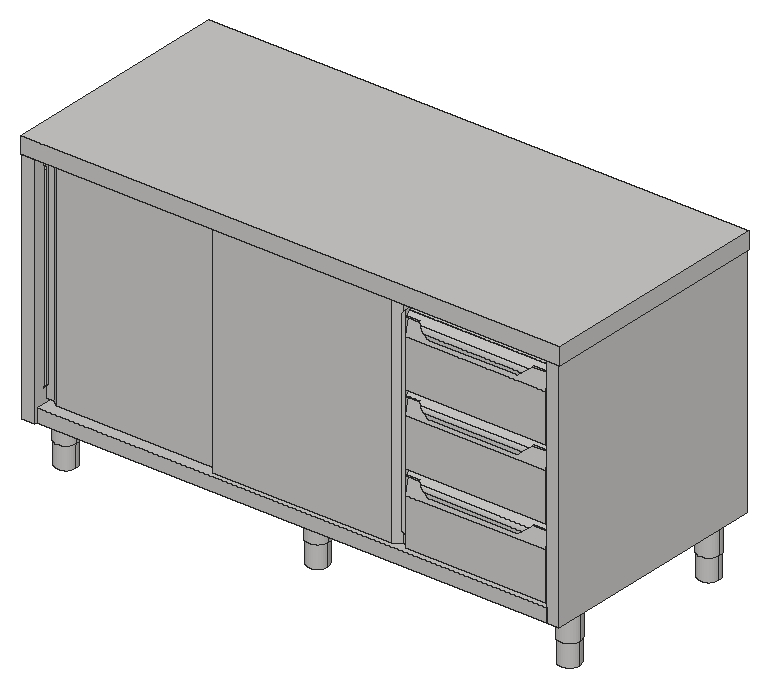
Revit family "QF_ZANUSSI_133261_MTA1600DXPN", category Attrezzature speciali, Revit 2020
Family settings
  Quota connettore circolare = Usa diametro
  Tipo di parte = Normale
  Basato su piano di lavoro = No
  Sempre verticale = Sì
  Taglio con vuoti quando caricato = No
  Condiviso = No
  Punto di calcolo locali = No
Parameters (values of type "Standard")
  Weight = 70.00 kg
  Watts = 0 W
  Volts = 0 V
  URL Manufacturer = "http://www.zanussiprofessional.com"
  URL = "http://www.zanussiprofessional.com"
  Steam Supply Size = 0 mm
  Steam Supply Minimum Pressure = 0.0 Pa
  Steam Supply Maximum Pressure = 0.0 Pa
  Steam Consumption per Hour = 0
  Refrigeration Suction Line Size = 0.0 mm
  Refrigeration Liquid Line Size = 0.0 mm
  Refrigerant Compressor Remote = yes
  Prospetto di default = 0.0 mm
  Phase = 0
  Modello = "MTA1600DXPN"
  Produttore = "Zanussi"
  Length Actual = 1600.0 mm  # constant formula
  Item Number = "133261"
  Hot Water Size = 0 mm
  Height Actual = 900.0 mm  # constant formula
  HP = "0 HP"
  Gas Size = 0 mm
  Gas KW = 0
  Gas Input Pressure = 0 W
  Direct Waste Size = 0 mm
  Descrizione = "TABLE W/3 R/H DRAWERS+2 SLIDING D.1600MM"
  Depth Actual = 700.0 mm  # constant formula
  Cycle = 0 Hz
  Condensate Return Size = 0 mm
  Compressed Air Volume = 0.0 L/s
  Compressed Air Size = 0 mm
  Compressed Air Pressure = 0.0 Pa
  Cold Water Size = 0 mm
  Accessory = yes
Reference planes
  plane 1 "Center (Front/Back)": y = 0
  plane 2: z = 0
  plane 3 "Center Slide Doors": x = -409
  plane 4 "LEFT": x = -1000
  plane 5 "RIGHT": x = 600
  plane 6 "BACK": y = 350
  plane 7 "FRONT": y = -350
  plane 8 "TOP": z = 900
  plane 9: x = -954
  plane 10: x = 554
  plane 11: y = 270
  plane 12: y = -247
  plane 13 "FEET": z = 150
  plane 14: x = -956.5
  plane 15: y = -344.5
  plane 16: x = 138.5
  plane 17: x = -433.5
  plane 18: x = -384.5
  plane 19 "BaseTop": z = 850
  plane 20: x = -994.5
  plane 21: y = 344.5
  plane 22: x = 136
  plane 23: x = 556.5
  plane 24 "FeetLeft": x = -947
  plane 25: x = 547
  plane 26 "Center (Left/Right)": x = -200
  plane 27: x = 594.5
Forms (mm)
  Extrusion 1, solid, material "QF_Finishes_Stainless Steel"
    sketch origin (0, 0, 150) x (-1, 0, 0) y (0, -1, 0)
      loop
        line (994.5, -350) -> (994.5, 350) -> (956.5, 350) -> (956.5, -350) -> (994.5, -350)
      loop
        line (-556.4, -350) -> (-556.4, 344.5) -> (-594.5, 344.5) -> (-594.5, -350) -> (-556.4, -350)
    from 0 to 700
  Extrusion 2, solid, material "QF_Finishes_Stainless Steel"
    sketch origin (0, 0, 150) x (-1, 0, 0) y (0, -1, 0)
      loop
        line (956.5, -347) -> (956.5, 344.5) -> (-556.5, 344.5) -> (-556.5, -347) -> (956.5, -347)
    from 0 to 40
  Extrusion 3, solid, material "QF_Finishes_Stainless Steel"
    sketch origin (33, 0, 150) x (-1, 0, 0) y (0, -1, 0)
      loop
        line (417.5, 324.5) -> (417.5, 304.5) -> (987, 304.5) -> (987, 319.071) -> (977.942, 328.129) -> (976.312, 326.5) -> (985, 317.812) -> (985, 309.5) -> (966.034, 309.5) -> (946.034, 324.5) -> (417.5, 324.5)
    from 700 to 50
  Extrusion 4, void
    sketch origin (0, -350, 0) x (-1, 0, 0) y (0, 0, 1)
      loop
        line (942.418, 247.973) -> (942.418, 191.4) -> (956.5, 191.4) -> (956.5, 229.369) -> (942.418, 247.973)
      loop
        line (942.418, 816.627) -> (956.5, 835.231) -> (956.5, 850) -> (942.418, 850) -> (942.418, 816.627)
    from 20.5 to 40.5
  Extrusion 5, solid, material "QF_Finishes_Stainless Steel"
    sketch origin (0, 0, 150) x (-1, 0, 0) y (0, -1, 0)
      loop
        line (-556.5, -350) -> (956.5, -350) -> (956.5, -327) -> (-556.5, -327) -> (-556.5, -350)
    from 700 to 40
  Extrusion 6, solid, material "QF_Finishes_Stainless Steel"
    sketch origin (-409, 0, 0) x (0, 1, 0) y (0, 0, 1)
      loop
        line (-350, 900) -> (-350, 850) -> (350, 850) -> (350, 900) -> (-350, 900)
    from 1009 to -591
  Extrusion 7, solid, material "QF_Finishes_Stainless Steel"
    sketch origin (-847, -20, 150) x (1, 0, 0) y (0, 1, 0)
      loop
        line (413.5, -324.5) -> (944.034, -324.5) -> (964.034, -309.5) -> (981, -309.5) -> (981, -317.812) -> (974.312, -324.5) -> (975.942, -326.129) -> (983, -319.071) -> (983, -304.5) -> (413.5, -304.5) -> (413.5, -324.5)
    from 700 to 50
  Extrusion 8, void
    sketch origin (-814, -350, 0) x (1, 0, 0) y (0, 0, -1)
      loop
        line (940.418, -247.973) -> (952.5, -229.369) -> (952.5, -191.4) -> (940.418, -191.4) -> (940.418, -247.973)
      loop
        line (940.418, -816.627) -> (940.418, -850) -> (952.5, -850) -> (952.5, -835.231) -> (940.418, -816.627)
    from 2.49 to 20.5
  Extrusion 9, solid, material "QF_Finishes_Stainless Steel"
    sketch origin (0, 0, 850) x (-1, 0, 0) y (0, -1, 0)
      loop
        line (-556.5, 304.5) -> (-556.5, 299.5) -> (-554, 299.5) -> (-554, 304.5) -> (-556.5, 304.5)
    from 0 to -2
Cuts and joins
  Extrusion 4, Extrusion 8 cuts Extrusion 3
  Extrusion 8 cuts Extrusion 1
  Extrusion 8 cuts Extrusion 6
  Extrusion 8 cuts Extrusion 7
Lines and regions (mm)
  symbolic lines, style "SpecialityEquipment"
    curve 1: line (-1000, 350, 850) -> (600, 350, 850)
    curve 2: line (-1000, -350, 850) -> (-1000, 350, 850)
    curve 3: line (600, -350, 850) -> (-1000, -350, 850)
    curve 4: line (600, 350, 850) -> (600, -350, 850)
    curve 17: line (-1000, 337, 850) -> (600, 337, 850)
  symbolic lines, style "SpecialityEquipmentHiddenLines"
    curve 5: line (-433.5, -324.5, 200) -> (-433.5, -344.5, 200)
    curve 6: line (-954, -304.5, 850) -> (-384.5, -304.5, 850)
    curve 7: line (-384.5, -304.5, 850) -> (-384.5, -324.5, 850)
    curve 8: line (-384.5, -324.5, 850) -> (-913.034, -324.5, 850)
    curve 9: line (-913.034, -324.5, 850) -> (-933.034, -309.5, 850)
    curve 10: line (-933.034, -309.5, 850) -> (-954, -309.5, 850)
    curve 11: line (-954, -309.5, 850) -> (-954, -304.5, 850)
    curve 12: line (-433.5, -344.5, 850) -> (97.034, -344.5, 850)
    curve 13: line (97.034, -344.5, 850) -> (117.034, -329.5, 850)
    curve 14: line (117.034, -329.5, 850) -> (136, -329.5, 850)
    curve 15: line (136, -329.5, 850) -> (136, -324.5, 850)
    curve 16: line (136, -324.5, 850) -> (-384.5, -324.5, 850)
Dimensions and locks
  plane 6 "BACK" to plane 7 "FRONT" = 700.0 mm
  equal spacing: plane 6 "BACK", plane 1 "Center (Front/Back)", plane 7 "FRONT"
  locked: plane 13 "FEET" to level at 150
  locked: plane 6 "BACK" to plane 11 at 80
  locked: plane 12 to plane 7 "FRONT" at 103
  plane 17 to plane 18 = 49.0 mm
  equal spacing: plane 17, plane 3 "Center Slide Doors", plane 18
  locked: plane 4 "LEFT" to plane 20 at 5.5
  locked: plane 20 to plane 14 at 38
  plane 15 to plane 7 "FRONT" = 5.5 mm  (x2)
  plane 6 "BACK" to plane 21 = 5.5 mm
  locked: plane 22 to plane 16 at 2.5
  equal spacing: plane 9, plane 3 "Center Slide Doors", plane 22
  locked: plane 9 to plane 22 at 1090
  locked: plane 4 "LEFT" to plane 5 "RIGHT" at 1600
  locked: plane 24 "FeetLeft" to plane 20 at 47.5
  locked: plane 8 "TOP" to level at 900
  locked: plane 27 to plane 5 "RIGHT" at 5.5
  locked: plane 23 to plane 27 at 38
  locked: plane 10 to plane 23 at 2.5
  locked: plane 27 to plane 25 at 47.5
  equal spacing: plane 4 "LEFT", plane 26 "Center (Left/Right)", plane 5 "RIGHT"
  locked: plane 14 to plane 9 at 2.5
  aligned and locked: level to plane 2
  aligned and locked: nested 4 to plane 11
  aligned and locked: nested 3 to plane 11
  aligned and locked: plane 6 "BACK" to Extrusion 1 sketch curve
  aligned and locked: Extrusion 1 sketch curve to plane 6 "BACK"
  aligned and locked: Extrusion 1 sketch curve to plane 7 "FRONT"
  aligned and locked: plane 14 to Extrusion 1
  aligned and locked: Extrusion 2 to plane 14
  aligned and locked: Extrusion 2 to plane 15
  aligned and locked: nested 1 to plane 12
  aligned and locked: nested 2 to plane 12
  aligned and locked: plane 18 to Extrusion 3
  aligned and locked: nested 4 to nested 2
  aligned and locked: Extrusion 5 to plane 14
  aligned and locked: plane 19 "BaseTop" to Extrusion 3
  aligned and locked: plane 19 "BaseTop" to Extrusion 5
  aligned and locked: Extrusion 6 to plane 4 "LEFT"
  aligned and locked: plane 5 "RIGHT" to Extrusion 6
  aligned and locked: plane 23 to Extrusion 2 sketch curve
  aligned and locked: plane 24 "FeetLeft" to nested 1
  aligned and locked: nested 3 to nested 1
  aligned and locked: plane 25 to nested 2
  aligned and locked: nested 5 to plane 26 "Center (Left/Right)"
  aligned and locked: nested 6 to nested 5
  aligned and locked: Extrusion 5 to plane 23
  aligned and locked: plane 27 to cut or joined group of Extrusion 1, Extrusion 8
Automatic sketch dimensions
  Extrusion 1 sketch curve to plane 15 = 0.0 mm
  Extrusion 1 sketch curve to plane 14 = 0.0 mm
  Extrusion 1 sketch curve to plane 20 = 0.0 mm
  plane 23 to Extrusion 1 sketch curve = 0.1 mm
  Extrusion 2 sketch curve to plane 14 = 0.0 mm
  Extrusion 2 sketch curve to plane 15 = 0.0 mm
  plane 21 to Extrusion 2 sketch curve = 2.5 mm
  Extrusion 3 sketch curve to plane 18 = 0.0 mm
  Extrusion 3 sketch curve to plane 9 = 0.0 mm
  plane 24 "FeetLeft" to Extrusion 3 sketch curve = 33.966 mm
  plane 24 "FeetLeft" to Extrusion 3 sketch curve = 13.966 mm
  plane 24 "FeetLeft" to Extrusion 3 sketch curve = 3.688 mm
  plane 24 "FeetLeft" to Extrusion 3 sketch curve = 2.058 mm
  plane 9 to Extrusion 3 sketch curve = 2.0 mm
  plane 15 to Extrusion 3 sketch curve = 40.0 mm
  Extrusion 3 sketch curve to Extrusion 3 sketch curve = 5.0 mm
  Extrusion 3 sketch curve to Extrusion 3 sketch curve = 8.312 mm
  Extrusion 3 sketch curve to Extrusion 3 sketch curve = 1.259 mm
  plane 15 to Extrusion 3 sketch curve = 20.0 mm
  Extrusion 4 sketch curve to plane 19 "BaseTop" = 0.0 mm
  Extrusion 4 sketch curve to plane 14 = 0.0 mm  (x2)
  plane 24 "FeetLeft" to Extrusion 4 sketch curve = 4.582 mm  (x2)
  Extrusion 4 sketch curve to Extrusion 4 sketch curve = 14.769 mm
  Extrusion 4 sketch curve to Extrusion 4 sketch curve = 18.604 mm  (x2)
  plane 13 "FEET" to Extrusion 4 sketch curve = 97.973 mm
  Extrusion 4 sketch curve to Extrusion 4 sketch curve = 37.969 mm
  curve 5 to plane 15 = 0.0 mm
  curve 5 to plane 17 = 0.0 mm
  plane 15 to curve 5 = 20.0 mm
  Extrusion 5 sketch curve to plane 6 "BACK" = 0.0 mm
  Extrusion 5 sketch curve to plane 23 = 0.0 mm
  Extrusion 5 sketch curve to plane 14 = 0.0 mm
  plane 21 to Extrusion 5 sketch curve = 17.5 mm
  curve 17 to plane 5 "RIGHT" = 0.0 mm
  curve 16 to plane 22 = 0.0 mm
  curve 13 to plane 15 = 0.0 mm
  curve 7 to plane 18 = 0.0 mm
  curve 12 to plane 17 = 0.0 mm
  curve 11 to plane 9 = 0.0 mm
  curve 3 to plane 4 "LEFT" = 0.0 mm
  curve 1 to plane 6 "BACK" = 0.0 mm
  curve 3 to plane 7 "FRONT" = 0.0 mm
  curve 14 to curve 14 = 18.966 mm
  curve 13 to curve 13 = 20.0 mm
  plane 24 "FeetLeft" to curve 9 = 33.966 mm
  plane 24 "FeetLeft" to curve 9 = 13.966 mm
  plane 15 to curve 7 = 40.0 mm
  curve 6 to curve 10 = 5.0 mm
  plane 15 to curve 8 = 20.0 mm
  curve 15 to curve 15 = 5.0 mm
  curve 17 to plane 21 = 7.5 mm
  Extrusion 6 sketch curve to plane 7 "FRONT" = 0.0 mm
  Extrusion 6 sketch curve to plane 6 "BACK" = 0.0 mm
  Extrusion 6 sketch curve to plane 19 "BaseTop" = 0.0 mm
  Extrusion 7 sketch curve to plane 17 = 0.0 mm
  Extrusion 7 sketch curve to plane 15 = 0.0 mm  (x2)
  Extrusion 7 sketch curve to plane 22 = 0.0 mm
  plane 22 to Extrusion 7 sketch curve = 38.966 mm
  plane 22 to Extrusion 7 sketch curve = 18.966 mm
  plane 22 to Extrusion 7 sketch curve = 8.688 mm
  plane 15 to Extrusion 7 sketch curve = 1.629 mm
  Extrusion 7 sketch curve to Extrusion 7 sketch curve = 1.629 mm
  plane 22 to Extrusion 7 sketch curve = 2.0 mm
  Extrusion 7 sketch curve to plane 15 = 15.0 mm
  Extrusion 7 sketch curve to Extrusion 7 sketch curve = 5.0 mm
  Extrusion 8 sketch curve to plane 19 "BaseTop" = 0.0 mm
  Extrusion 8 sketch curve to plane 16 = 0.0 mm  (x2)
  plane 22 to Extrusion 8 sketch curve = 9.582 mm  (x2)
  Extrusion 8 sketch curve to Extrusion 8 sketch curve = 14.769 mm
  Extrusion 8 sketch curve to Extrusion 8 sketch curve = 18.604 mm  (x2)
  Extrusion 8 sketch curve to plane 13 "FEET" = 97.973 mm
  Extrusion 8 sketch curve to Extrusion 8 sketch curve = 37.969 mm
  Extrusion 9 sketch curve to plane 23 = 0.0 mm
  Extrusion 9 sketch curve to plane 10 = 0.0 mm
  plane 15 to Extrusion 9 sketch curve = 45.0 mm
  Extrusion 9 sketch curve to Extrusion 9 sketch curve = 5.0 mm
  Extrusion 1 sketch curve to plane 5 "RIGHT" = 5.5 mm
  Extrusion 6 sketch curve to plane 8 "TOP" = 0.0 mm
Nested families
  nested 1: "FEET_D60-150" at (-947, -247, 0), type "FEET_D60-150"
  nested 2: "FEET_D60-150" at (547, -247, 0), type "FEET_D60-150"
  nested 3: "FEET_D60-150" at (-947, 270, 0), type "FEET_D60-150"
  nested 4: "FEET_D60-150" at (547, 270, 0), type "FEET_D60-150"
  nested 5: "FEET_D60-150" at (-200, -247, 0), type "FEET_D60-150"
  nested 6: "FEET_D60-150" at (-200, 270, 0), type "FEET_D60-150"
  nested 7: "H637_600_3DRAWERS" at (310.458, -304.5, 152) x (1, 0, 0) z (0, -1, 0), type "H637_600_3DRAWERS"
    with Show Clearance yes
Definition of nested family "FEET_D60-150"
  Parameters
    Default Elevation = 0.0 mm
    FEET = 150.0 mm
  Reference planes
    plane 1 "Center (Front/Back)": y = 0
    plane 2: z = 0
    plane 3 "Center (Left/Right)": x = 0
    plane 4: z = 150
  Forms (mm)
    Extrusion 1, solid
      sketch origin (0, 0, 0) x (1, 0, 0) y (0, 1, 0)
        loop
          circle (0, 0) r 28
      from 0 to 67
    Revolve 2, solid
      sketch origin (0, 0, 0) x (1, 0, 0) y (0, 0, 1)
        loop
          line (0, 0) -> (0, 150) -> (-32.939, 150) -> (-32.939, 67) -> (-30, 67) -> (-30, 0) -> (0, 0)
        axis (0, 150) -> (0, 0)
      angle from 0 to 360
  Lines and regions (mm)
    symbolic lines
      curve 1: line (0, -1.503, 0) -> (0, 1.508, 0)
      curve 2: line (1.561, 0, 0) -> (-1.439, 0, 0)
  Dimensions and locks
    "FEET": plane 4 to plane 2
    aligned and locked: level to plane 2
  Automatic sketch dimensions
    plane 1 "Center (Front/Back)" to Extrusion 1 sketch curve = 0.0 mm
    Extrusion 1 sketch curve to plane 3 "Center (Left/Right)" = 0.0 mm
    plane 1 "Center (Front/Back)" to curve 2 = 0.0 mm
    curve 1 to plane 3 "Center (Left/Right)" = 0.0 mm
    curve 2 to plane 3 "Center (Left/Right)" = 1.439 mm
    plane 3 "Center (Left/Right)" to curve 2 = 1.561 mm
    plane 1 "Center (Front/Back)" to curve 1 = 1.503 mm
    curve 1 to plane 1 "Center (Front/Back)" = 1.508 mm
    Revolve 2 sketch curve to plane 4 = 0.0 mm
    Revolve 2 sketch curve to level = 0.0 mm
    Revolve 2 sketch curve to plane 3 "Center (Left/Right)" = 0.0 mm  (x2)
    Revolve 2 sketch curve to plane 3 "Center (Left/Right)" = 30.0 mm
    Revolve 2 sketch curve to plane 3 "Center (Left/Right)" = 32.939 mm
    level to Revolve 2 sketch curve = 67.0 mm
    Revolve 2 sketch curve to level = 42.207 mm
    Revolve 2 sketch curve to Revolve 2 sketch curve = 10.0 mm
    radius of Extrusion 1 sketch curve = 28.0 mm
Definition of nested family "H637_600_3DRAWERS"
  Parameters
    Width = 419.0 mm
    Show Clearance [instance] = yes
    Model = "727995"
    Height = 700.0 mm
    Default Elevation = 0.0 mm
  Reference planes
    plane 1 "Center (Front/Back)": y = 0
    plane 2: z = 0
    plane 3 "Center (Left/Right)": x = 36.042
    plane 4 "panel": z = 25
    plane 5 "Left": x = -173.458
    plane 6 "Right": x = 245.542
    plane 7: y = 700
    plane 8: z = 45
    plane 9: x = 243.542
    plane 10: x = -171.458
    plane 11: y = 676
    plane 12: y = 38
    plane 13: z = 499.734
    plane 14: y = 470
    plane 15: y = 465
    plane 16: y = 259
    plane 17: y = 254
    plane 18: y = 48
  Forms (mm)
    Extrusion 1, solid
      sketch origin (0, -919.2, 0) x (1, 0, 0) y (0, 1, 0)
        loop
          line (-980.5, 2119.2) -> (-980.5, -162.846) -> (881.94, -162.846) -> (881.94, 2119.2) -> (-980.5, 2119.2)
      from 0 to -59.546
    Extrusion 2, solid
      sketch origin (36.042, -645.693, 0) x (0, 1, 0) y (0, 0, 1)
        loop
          line (856.63, 49.734) -> (856.63, 47.734) -> (866.98, 47.734)
          arc (866.98, 47.734) -> (873.586, 46.42) -> (879.186, 42.679) r 17.261
          line (879.186, 42.679) -> (896.019, 25.845) -> (899.693, 25) -> (880.6, 44.093)
          arc (880.6, 44.093) -> (874.351, 48.268) -> (866.98, 49.734) r 19.261
          line (866.98, 49.734) -> (856.63, 49.734)
      from -207.5 to 207.5
    Extrusion 3, solid, detail levels coarse
      sketch origin (0, 0, 0) x (1, 0, 0) y (0, 0, 1)
        loop
          line (-171.458, 40) -> (243.542, 40) -> (243.542, 499.734) -> (-171.458, 499.734) -> (-171.458, 40)
      from -48 to -254
    Extrusion 4, solid
      sketch origin (36.042, -616, 0) x (0, 1, 0) y (0, 0, 1)
        loop
          line (664.4, 40) -> (664.4, 0) -> (870, 0) -> (870, 25) -> (804.797, 40) -> (664.4, 40)
      from 207.5 to -207.5
    Extrusion 5, void
      sketch origin (0, 0, 0) x (1, 0, 0) y (0, 1, 0)
        loop
          line (-99.744, 213.799) -> (-133.705, 243.322) -> (-166.458, 243.322)
          arc (-166.458, 243.322) -> (-169.994, 244.786) -> (-171.458, 248.322) r 5
          line (-171.458, 248.322) -> (-171.458, 210.937) -> (-91.403, 210.937)
          arc (-91.403, 210.937) -> (-95.762, 211.819) -> (-99.744, 213.799) r 17.035
      from 36.678 to 53.74
    Extrusion 6, void
      sketch origin (72.084, 0, 0) x (-1, 0, 0) y (0, -1, 0)
        loop
          arc (-99.744, -213.799) -> (-95.762, -211.819) -> (-91.403, -210.937) r 17.035
          line (-91.403, -210.937) -> (-171.458, -210.937) -> (-171.458, -248.322)
          arc (-171.458, -248.322) -> (-169.994, -244.786) -> (-166.458, -243.322) r 5
          line (-166.458, -243.322) -> (-133.705, -243.322) -> (-99.744, -213.799)
      from 36.678 to 53.74
    Extrusion 7, solid
      sketch origin (36.042, -434.693, 0) x (0, 1, 0) y (0, 0, 1)
        loop
          line (856.63, 49.734) -> (856.63, 47.734) -> (866.98, 47.734)
          arc (866.98, 47.734) -> (873.586, 46.42) -> (879.186, 42.679) r 17.261
          line (879.186, 42.679) -> (896.019, 25.845) -> (899.693, 25) -> (880.6, 44.093)
          arc (880.6, 44.093) -> (874.351, 48.268) -> (866.98, 49.734) r 19.261
          line (866.98, 49.734) -> (856.63, 49.734)
      from -207.5 to 207.5
    Extrusion 8, solid
      sketch origin (36.042, -405, 0) x (0, 1, 0) y (0, 0, 1)
        loop
          line (664, 40) -> (664, 0) -> (870, 0) -> (870, 25) -> (804.797, 40) -> (664, 40)
      from 207.5 to -207.5
    Extrusion 9, void
      sketch origin (0, 211, 0) x (1, 0, 0) y (0, 1, 0)
        loop
          line (-99.744, 213.799) -> (-133.705, 243.322) -> (-166.458, 243.322)
          arc (-166.458, 243.322) -> (-169.994, 244.786) -> (-171.458, 248.322) r 5
          line (-171.458, 248.322) -> (-171.458, 210.937) -> (-91.403, 210.937)
          arc (-91.403, 210.937) -> (-95.762, 211.819) -> (-99.744, 213.799) r 17.035
      from 36.678 to 53.74
    Extrusion 10, void
      sketch origin (72.084, 211, 0) x (-1, 0, 0) y (0, -1, 0)
        loop
          arc (-99.744, -213.799) -> (-95.762, -211.819) -> (-91.403, -210.937) r 17.035
          line (-91.403, -210.937) -> (-171.458, -210.937) -> (-171.458, -248.322)
          arc (-171.458, -248.322) -> (-169.994, -244.786) -> (-166.458, -243.322) r 5
          line (-166.458, -243.322) -> (-133.705, -243.322) -> (-99.744, -213.799)
      from 36.678 to 53.74
    Extrusion 11, solid
      sketch origin (36.042, -223.693, 0) x (0, 1, 0) y (0, 0, 1)
        loop
          line (856.63, 49.734) -> (856.63, 47.734) -> (866.98, 47.734)
          arc (866.98, 47.734) -> (873.586, 46.42) -> (879.186, 42.679) r 17.261
          line (879.186, 42.679) -> (896.019, 25.845) -> (899.693, 25) -> (880.6, 44.093)
          arc (880.6, 44.093) -> (874.351, 48.268) -> (866.98, 49.734) r 19.261
          line (866.98, 49.734) -> (856.63, 49.734)
      from -207.5 to 207.5
    Extrusion 12, solid
      sketch origin (36.042, -194, 0) x (0, 1, 0) y (0, 0, 1)
        loop
          line (664, 40) -> (664, 0) -> (870, 0) -> (870, 25) -> (804.797, 40) -> (664, 40)
      from 207.5 to -207.5
    Extrusion 13, void
      sketch origin (0, 422, 0) x (1, 0, 0) y (0, 1, 0)
        loop
          line (-99.744, 213.799) -> (-133.705, 243.322) -> (-166.458, 243.322)
          arc (-166.458, 243.322) -> (-169.994, 244.786) -> (-171.458, 248.322) r 5
          line (-171.458, 248.322) -> (-171.458, 210.937) -> (-91.403, 210.937)
          arc (-91.403, 210.937) -> (-95.762, 211.819) -> (-99.744, 213.799) r 17.035
      from 36.678 to 53.74
    Extrusion 14, void
      sketch origin (72.084, 422, 0) x (-1, 0, 0) y (0, -1, 0)
        loop
          arc (-99.744, -213.799) -> (-95.762, -211.819) -> (-91.403, -210.937) r 17.035
          line (-91.403, -210.937) -> (-171.458, -210.937) -> (-171.458, -248.322)
          arc (-171.458, -248.322) -> (-169.994, -244.786) -> (-166.458, -243.322) r 5
          line (-166.458, -243.322) -> (-133.705, -243.322) -> (-99.744, -213.799)
      from 36.678 to 53.74
    Extrusion 15, solid, detail levels coarse
      sketch origin (0, 0, 0) x (1, 0, 0) y (0, 0, 1)
        loop
          line (-171.458, 40) -> (243.542, 40) -> (243.542, 499.734) -> (-171.458, 499.734) -> (-171.458, 40)
      from -259 to -465
    Extrusion 16, solid, detail levels coarse
      sketch origin (0, 0, 0) x (1, 0, 0) y (0, 0, 1)
        loop
          line (-171.458, 40) -> (243.542, 40) -> (243.542, 499.734) -> (-171.458, 499.734) -> (-171.458, 40)
      from -470 to -676
  Cuts and joins
    Extrusion 5, Extrusion 6, Extrusion 9, Extrusion 10 cuts Extrusion 2
    Extrusion 5 cuts Extrusion 4
    Extrusion 9, Extrusion 10, Extrusion 13, Extrusion 14 cuts Extrusion 7
    Extrusion 13, Extrusion 14 cuts Extrusion 11
  Lines and regions (mm)
    symbolic lines
      curve 1: line (243.542, 0, 179.734) -> (243.542, 0, 199.734)
      curve 2: line (212.235, 0, 49.734) -> (-171.458, 0, 49.734)
      curve 3: spline (231.959, 0, 44.389) -> (230.421, 0, 45.265) -> (228.856, 0, 46.066) -> (227.265, 0, 46.791) -> (225.651, 0, 47.437) -> (224.017, 0, 48.005) -> (222.365, 0, 48.493) -> (220.698, 0, 48.9) -> (219.019, 0, 49.226) -> (217.331, 0, 49.471) -> (215.636, 0, 49.633) -> (213.936, 0, 49.712) -> (212.236, 0, 49.71)
      curve 4: line (238.456, 0, 40) -> (231.959, 0, 44.389)
      curve 5: line (243.542, 0, 500) -> (-171.458, 0, 500)
      curve 6: line (243.542, 0, 349.734) -> (-171.458, 0, 349.734)
      curve 7: line (243.542, 0, 199.734) -> (-171.458, 0, 199.734)
      curve 8: line (243.542, 0, 480) -> (-171.458, 0, 480)
      curve 9: line (243.542, 0, 329.734) -> (-171.458, 0, 329.734)
      curve 10: line (243.542, 0, 179.734) -> (-171.458, 0, 179.734)
      curve 11: line (-156.458, 0, 49.734) -> (-156.458, 0, 179.734)
      curve 12: line (-156.458, 0, 349.734) -> (-156.458, 0, 480)
      curve 13: line (-156.458, 0, 199.734) -> (-156.458, 0, 329.734)
      curve 14: line (228.542, 0, 49.734) -> (228.542, 0, 179.734)
      curve 15: line (228.542, 0, 349.734) -> (228.542, 0, 480)
      curve 16: line (228.542, 0, 199.734) -> (228.542, 0, 329.734)
      curve 17: line (243.542, 0, 480) -> (243.542, 0, 500)
      curve 18: line (243.542, 0, 329.734) -> (243.542, 0, 349.734)
      curve 19: line (-171.458, 0, 179.734) -> (-171.458, 0, 199.734)
      curve 20: line (-171.458, 0, 480) -> (-171.458, 0, 500)
      curve 21: line (-171.458, 0, 329.734) -> (-171.458, 0, 349.734)
  Dimensions and locks
    plane 4 "panel" to level = 25.0 mm
    "Width": plane 5 "Left" to plane 6 "Right"
    equal spacing: plane 5 "Left", plane 3 "Center (Left/Right)", plane 6 "Right"
    "Height": plane 1 "Center (Front/Back)" to plane 7
    plane 9 to plane 6 "Right" = 2.0 mm
    plane 5 "Left" to plane 10 = 2.0 mm
    plane 7 to plane 11 = 24.0 mm
    plane 1 "Center (Front/Back)" to plane 12 = 38.0 mm
    plane 10 to plane 9 = 415.0 mm
    plane 11 to plane 14 = 206.0 mm
    locked: plane 14 to plane 15 at 5
    plane 15 to plane 16 = 206.0 mm
    locked: plane 16 to plane 17 at 5
    plane 17 to plane 18 = 206.0 mm  (x2)
    plane 16 to plane 17 = 5.0 mm
    plane 14 to plane 15 = 5.0 mm
    plane 16 to plane 15 = 206.0 mm
    plane 14 to plane 11 = 206.0 mm
    aligned and locked: plane 2 to Extrusion 1
    aligned and locked: level to Extrusion 1
    aligned and locked: plane 9 to Extrusion 4
    aligned and locked: plane 10 to Extrusion 4
  Automatic sketch dimensions
    Extrusion 1 sketch curve to Extrusion 1 sketch curve = 1862.44 mm
    Extrusion 1 sketch curve to Extrusion 1 sketch curve = 2282.046 mm
    Extrusion 2 sketch curve to Extrusion 2 sketch curve = 0.0 mm  (x2)
    Extrusion 2 sketch curve to plane 4 "panel" = 0.0 mm
    Extrusion 2 sketch curve to plane 17 = 0.0 mm
    plane 4 "panel" to Extrusion 2 sketch curve = 0.845 mm
    Extrusion 2 sketch curve to plane 17 = 3.674 mm
    Extrusion 2 sketch curve to plane 8 = 0.907 mm
    Extrusion 2 sketch curve to plane 17 = 19.093 mm
    Extrusion 2 sketch curve to plane 8 = 2.321 mm
    Extrusion 2 sketch curve to Extrusion 2 sketch curve = 1.414 mm
    plane 4 "panel" to Extrusion 2 sketch curve = 5.474 mm
    Extrusion 2 sketch curve to Extrusion 2 sketch curve = 12.205 mm
    Extrusion 2 sketch curve to Extrusion 2 sketch curve = 10.351 mm
    Extrusion 4 sketch curve to level = 0.0 mm
    Extrusion 4 sketch curve to plane 4 "panel" = 0.0 mm
    Extrusion 4 sketch curve to plane 17 = 0.0 mm
    Extrusion 4 sketch curve to plane 8 = 5.0 mm
    Extrusion 4 sketch curve to plane 17 = 65.203 mm
    plane 18 to Extrusion 4 sketch curve = 0.4 mm
    Extrusion 7 sketch curve to Extrusion 7 sketch curve = 0.0 mm  (x2)
    Extrusion 7 sketch curve to plane 4 "panel" = 0.0 mm
    Extrusion 7 sketch curve to plane 15 = 0.0 mm
    plane 4 "panel" to Extrusion 7 sketch curve = 0.845 mm
    Extrusion 7 sketch curve to plane 15 = 3.674 mm
    Extrusion 7 sketch curve to plane 8 = 0.907 mm
    Extrusion 7 sketch curve to plane 15 = 19.093 mm
    Extrusion 7 sketch curve to plane 8 = 2.321 mm
    Extrusion 7 sketch curve to Extrusion 7 sketch curve = 1.414 mm
    plane 4 "panel" to Extrusion 7 sketch curve = 5.474 mm
    Extrusion 7 sketch curve to Extrusion 7 sketch curve = 12.205 mm
    Extrusion 7 sketch curve to Extrusion 7 sketch curve = 10.351 mm
    Extrusion 8 sketch curve to plane 16 = 0.0 mm
    Extrusion 8 sketch curve to plane 4 "panel" = 0.0 mm
    Extrusion 8 sketch curve to plane 15 = 0.0 mm
    Extrusion 8 sketch curve to level = 0.0 mm
    Extrusion 8 sketch curve to plane 8 = 5.0 mm
    Extrusion 8 sketch curve to plane 15 = 65.203 mm
    Extrusion 11 sketch curve to Extrusion 11 sketch curve = 0.0 mm  (x2)
    Extrusion 11 sketch curve to plane 4 "panel" = 0.0 mm
    Extrusion 11 sketch curve to plane 11 = 0.0 mm
    plane 4 "panel" to Extrusion 11 sketch curve = 0.845 mm
    Extrusion 11 sketch curve to plane 11 = 3.674 mm
    Extrusion 11 sketch curve to plane 8 = 0.907 mm
    Extrusion 11 sketch curve to plane 11 = 19.093 mm
    Extrusion 11 sketch curve to plane 8 = 2.321 mm
    Extrusion 11 sketch curve to Extrusion 11 sketch curve = 1.414 mm
    plane 4 "panel" to Extrusion 11 sketch curve = 5.474 mm
    Extrusion 11 sketch curve to Extrusion 11 sketch curve = 12.205 mm
    Extrusion 11 sketch curve to Extrusion 11 sketch curve = 10.351 mm
    Extrusion 12 sketch curve to plane 14 = 0.0 mm
    Extrusion 12 sketch curve to plane 4 "panel" = 0.0 mm
    Extrusion 12 sketch curve to plane 11 = 0.0 mm
    Extrusion 12 sketch curve to level = 0.0 mm
    Extrusion 12 sketch curve to plane 8 = 5.0 mm
    Extrusion 12 sketch curve to plane 11 = 65.203 mm
    plane 10 to curve 21 = 0.0 mm
    plane 10 to curve 20 = 0.0 mm
    plane 10 to curve 2 = 0.0 mm
    plane 10 to curve 19 = 0.0 mm
    curve 6 to plane 9 = 0.0 mm
    curve 7 to plane 9 = 0.0 mm
    curve 17 to plane 9 = 0.0 mm
    curve 4 to plane 8 = 0.611 mm
    curve 4 to plane 9 = 11.583 mm
    plane 8 to curve 19 = 134.734 mm
    curve 19 to curve 19 = 20.0 mm
    curve 1 to curve 18 = 130.0 mm
    curve 9 to curve 18 = 20.0 mm
    plane 13 to curve 17 = 19.734 mm
    curve 20 to plane 13 = 0.266 mm
    plane 8 to curve 11 = 4.734 mm
    curve 11 to plane 10 = 15.0 mm
    curve 21 to curve 12 = 15.0 mm
    curve 19 to curve 13 = 15.0 mm
    curve 2 to curve 3 = 19.723 mm
    curve 2 to curve 3 = 0.0 mm
    curve 3 to level = 1.281 mm
    curve 3 to plane 6 "Right" = 32.398 mm
    curve 15 to curve 6 = 15.0 mm
    curve 14 to curve 1 = 15.0 mm
    curve 16 to curve 1 = 15.0 mm
    curve 4 to plane 9 = 5.086 mm
    curve 4 to plane 8 = 5.0 mm
    curve 3 to curve 2 = 0.025 mm
    plane 8 to curve 14 = 4.734 mm
    plane 10 to Extrusion 3 sketch curve = 0.0 mm
    Extrusion 3 sketch curve to plane 9 = 0.0 mm
    Extrusion 3 sketch curve to plane 13 = 0.0 mm
    Extrusion 3 sketch curve to plane 8 = 5.0 mm
    Extrusion 5 sketch curve to plane 10 = 0.0 mm
    Extrusion 5 sketch curve to plane 10 = 5.0 mm
    Extrusion 5 sketch curve to plane 17 = 10.678 mm
    Extrusion 5 sketch curve to Extrusion 5 sketch curve = 32.753 mm
    Extrusion 5 sketch curve to Extrusion 5 sketch curve = 33.961 mm
    Extrusion 5 sketch curve to Extrusion 5 sketch curve = 8.34 mm
    Extrusion 5 sketch curve to Extrusion 5 sketch curve = 9.511 mm
    Extrusion 5 sketch curve to plane 17 = 26.068 mm
    Extrusion 5 sketch curve to Extrusion 5 sketch curve = 14.132 mm
    Extrusion 6 sketch curve to plane 9 = 0.0 mm
    plane 9 to Extrusion 6 sketch curve = 5.0 mm
    plane 17 to Extrusion 6 sketch curve = 10.678 mm
    Extrusion 6 sketch curve to Extrusion 6 sketch curve = 32.753 mm
    Extrusion 6 sketch curve to Extrusion 6 sketch curve = 33.961 mm
    Extrusion 6 sketch curve to Extrusion 6 sketch curve = 8.34 mm
    Extrusion 6 sketch curve to Extrusion 6 sketch curve = 1.171 mm
    plane 17 to Extrusion 6 sketch curve = 26.068 mm
    Extrusion 6 sketch curve to Extrusion 6 sketch curve = 14.132 mm
    Extrusion 9 sketch curve to plane 10 = 0.0 mm
    Extrusion 9 sketch curve to plane 10 = 5.0 mm
    Extrusion 9 sketch curve to plane 15 = 10.678 mm
    Extrusion 9 sketch curve to Extrusion 9 sketch curve = 32.753 mm
    Extrusion 9 sketch curve to Extrusion 9 sketch curve = 33.961 mm
    Extrusion 9 sketch curve to Extrusion 9 sketch curve = 8.34 mm
    Extrusion 9 sketch curve to Extrusion 9 sketch curve = 9.511 mm
    Extrusion 9 sketch curve to plane 15 = 26.068 mm
    Extrusion 9 sketch curve to Extrusion 9 sketch curve = 14.132 mm
    Extrusion 10 sketch curve to plane 9 = 0.0 mm
    plane 9 to Extrusion 10 sketch curve = 5.0 mm
    plane 15 to Extrusion 10 sketch curve = 10.678 mm
    Extrusion 10 sketch curve to Extrusion 10 sketch curve = 32.753 mm
    Extrusion 10 sketch curve to Extrusion 10 sketch curve = 33.961 mm
    Extrusion 10 sketch curve to Extrusion 10 sketch curve = 8.34 mm
    Extrusion 10 sketch curve to Extrusion 10 sketch curve = 1.171 mm
    plane 15 to Extrusion 10 sketch curve = 26.068 mm
    Extrusion 10 sketch curve to Extrusion 10 sketch curve = 14.132 mm
    Extrusion 13 sketch curve to plane 10 = 0.0 mm
    Extrusion 13 sketch curve to plane 10 = 5.0 mm
    Extrusion 13 sketch curve to plane 11 = 10.678 mm
    Extrusion 13 sketch curve to Extrusion 13 sketch curve = 32.753 mm
    Extrusion 13 sketch curve to Extrusion 13 sketch curve = 33.961 mm
    Extrusion 13 sketch curve to Extrusion 13 sketch curve = 8.34 mm
    Extrusion 13 sketch curve to Extrusion 13 sketch curve = 9.511 mm
    Extrusion 13 sketch curve to plane 11 = 26.068 mm
    Extrusion 13 sketch curve to Extrusion 13 sketch curve = 14.132 mm
    Extrusion 14 sketch curve to plane 9 = 0.0 mm
    plane 9 to Extrusion 14 sketch curve = 5.0 mm
    plane 11 to Extrusion 14 sketch curve = 10.678 mm
    Extrusion 14 sketch curve to Extrusion 14 sketch curve = 32.753 mm
    Extrusion 14 sketch curve to Extrusion 14 sketch curve = 33.961 mm
    Extrusion 14 sketch curve to Extrusion 14 sketch curve = 8.34 mm
    Extrusion 14 sketch curve to Extrusion 14 sketch curve = 1.171 mm
    plane 11 to Extrusion 14 sketch curve = 26.068 mm
    Extrusion 14 sketch curve to Extrusion 14 sketch curve = 14.132 mm
    plane 10 to Extrusion 15 sketch curve = 0.0 mm
    Extrusion 15 sketch curve to plane 9 = 0.0 mm
    Extrusion 15 sketch curve to plane 8 = 5.0 mm
    plane 13 to Extrusion 15 sketch curve = 0.0 mm
    plane 10 to Extrusion 16 sketch curve = 0.0 mm
    Extrusion 16 sketch curve to plane 9 = 0.0 mm
    Extrusion 16 sketch curve to plane 8 = 5.0 mm
    plane 8 to Extrusion 16 sketch curve = 454.734 mm
